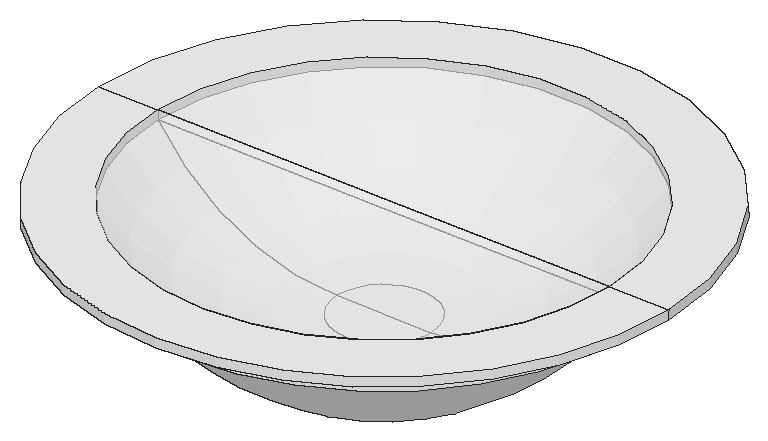
Revit family "0030334 Sylvania Lighting Fixture START Downlight 175 IP44 DALI 1475Lm 830", category Lighting Fixtures, host Face, Revit 2016
Family settings
  Host = Face
  Part Type = Normal
  Round Connector Dimension = Use Diameter
  OmniClass Number = 23.80.70.00
  OmniClass Title = Lighting
  Cut with Voids When Loaded = No
  Light Source = Yes
  Shared = No
  Room Calculation Point = No
Parameters (values of type "0030334 ST DOWNLIGHT 175 IP44 DALI 1475LM 830")
  Weight = "7.116 kg"
  Wattage Comments = ""
  Wattage = 15 W
  WarrantyStartDate [instance] = "n/a"
  WarrantyGuarantorParts = "n/a"
  WarrantyDurationUnit = "n/a"
  WarrantyDurationParts = "n/a"
  WarrantyDescription = "n/a"
  built-in parameter 1150110 = 1 (stored number, unit not read)
  Voltage = 230 V
  URL = "http://www.sylvania-lighting.com"
  TypeName = "START Downlight 175 IP44 DALI 1475Lm 830"
  Type Image = <None>
  Type Comments = "n/a"
  built-in parameter 1114217 = 1 (stored number, unit not read)
  Tilt Angle = -90.00°
  built-in parameter 1150109 = 1 (stored number, unit not read)
  built-in parameter 1150134 = (empty or 0)
  built-in parameter 1150113 = 1 (stored number, unit not read)
  SerialNumber [instance] = "n/a"
  S_SYL = no
  RadiusTop_SYL = if(S_SYL, 80 mm, if(M_SYL, 100 mm, if(L_SYL, 120 mm, 120 mm)))  # 100 mm
  Photometric Web File = "0030334.ies"
  Material_3_FEILO = Top-Sylvania-STARTDownlight
  PowerFactor = 0.9
  PowerConsumption = "15 W"
  NominalLength = 195 mm
  NominalHeight = 55 mm
  NominalDepth = 195 mm
  Name = "START Downlight 175 IP44 DALI 1475Lm 830"
  ModelReference = Name  # "START Downlight 175 IP44 DALI 1475Lm 830"
  ModelNumber = "0030334"
  Model = Name  # "START Downlight 175 IP44 DALI 1475Lm 830"
  Material = "aluminium housing, polycarbonate diffuser"
  ManufacturerName = "Feilo Sylvania"
  Manufacturer = "Feilo Sylvania"
  M_SYL = yes
  LuminousEfficacy = "93.55 lm/W"
  built-in parameter 1150105 = 786 (stored number, unit not read)
  Lumens = 1403.34 lm
  LuminaireType = ""
  built-in parameter 1150115 = 1 (stored number, unit not read)
  LightOutputRatio = "100"
  built-in parameter 1150137 = (empty or 0)
  built-in parameter 1150139 = (empty or 0)
  LampsType = Lamp  # "LED"
  LampNominalLuminous = "1403 lm"
  LampMacAdamStep = "5"
  LampColourTemperature = "3000 K"
  LampColourRenderingIndex = "80"
  built-in parameter 1150112 = 1 (stored number, unit not read)
  built-in parameter 1150114 = 1 (stored number, unit not read)
  Lamp = "LED"
  L_SYL = no
  Keynote = "16500"
  InstallationDate [instance] = "n/a"
  InputVoltage = "220-240V~"
  InputNominalFrequency = "50/60 Hz"
  built-in parameter 1150132 = (empty or 0)
  built-in parameter 1150102 = (empty or 0)
  built-in parameter 1150107 = 3000 (stored number, unit not read)
  built-in parameter 1150138 = (empty or 0)
  IngressProtection = "IP20/44"
  ImpactProtectionIndex = "IK07"
  built-in parameter 1150106 = 7.86 (stored number, unit not read)
  IfcExportType = "IfcLightFixtureType"
  IfcExportAs = "IfcLightFixtureType"
  Height_SYL = if(S_SYL, 41 mm, if(M_SYL, 47 mm, if(L_SYL, 56 mm, 62 mm)))  # 47 mm
  ExpectedLife = 50000
  Emit from Circle Diameter = Diameter_SYL - 40 mm  # 153 mm
  Emit Shape Visible in Rendering = no
  ElectricShockClassification = "Class II"
  built-in parameter 1150104 = 8.6916 (stored number, unit not read)
  DurationUnit = "hours"
  DocumentationLiterature = "http://www.sylvania-lighting.com/product/en-int/products/0030334"
  DimmingControlOptions = "Dimmable"
  Material_2_FEILO = Diffuser-Sylvania-STARTDownlight
  Dimming Lamp Color Temperature Shift = <None>
  Diameter_SYL = if(S_SYL, 164 mm, if(M_SYL, 193 mm, if(L_SYL, 220 mm, 240 mm)))  # 193 mm
  DiameterTop_SYL = if(S_SYL, 77 mm, if(M_SYL, 81 mm, if(L_SYL, 104 mm, 105 mm)))  # 81 mm
  DiameterRecess_SYL = if(S_SYL, 141 mm, if(M_SYL, 169 mm, if(L_SYL, 198 mm, 216 mm)))  # 169 mm
  Description = ""
  Default Elevation = 1219.2 mm
  CreatedOn = "8/1/2018"
  CreatedBy = "@sylvania-lighting.com"
  Cost = 0
  Color Filter = 16777215
  built-in parameter 1114216 [instance] = (empty or 0)
  ClassificationValue = "EF_70_80"
  ClassificationName = "Uniclass2015"
  Material_1_FEILO = Trim-Sylvania-STARTDownlight-White
  BarCode [instance] = "n/a"
  built-in parameter 1114218 = 1 (stored number, unit not read)
  built-in parameter 1150133 = 10 (stored number, unit not read)
  AssetType = "Fixed"
  AssetIdentifier [instance] = "n/a"
  Assembly Code = "D5020200"
  Apparent Load = 15 VA
  Material_4_FEILO = LED-Sylvania-STARTDownlight
Reference planes
  plane 1 "Center (Front/Back)": y = 0
  plane 2: z = 0
  plane 3 "Center (Left/Right)": x = 0
  plane 4: x = 96.5
  plane 5: x = -96.5
  plane 6: z = 3
  plane 7: z = -8
  plane 8: z = -42
  plane 9: z = -44
  plane 10: x = -84.5
  plane 11: x = 84.5
  plane 12: x = -40.5
  plane 13: x = 40.5
  plane 14: x = -76.5
  plane 15: x = 76.5
  plane 16: z = -85
  plane 17: x = -76.5
  plane 18: z = 2
  plane 19: z = -32
  plane 20: x = -16
Forms (mm)
  Revolve 1, solid
    sketch origin (0, 0, 0) x (1, 0, 0) y (0, 0, 1)
      loop
        line (-96.5, 3) -> (-96.5, 0) -> (-84.5, 0) -> (-84.5, -8) -> (-76.5, -8)
        arc (-76.5, -8) -> (-60.638, -27.264) -> (-40.5, -42) r 100
        line (-40.5, -42) -> (0, -42) -> (0, -32) -> (-16, -32)
        arc (-16, -32) -> (-50.221, -23.507) -> (-76.5, 0) r 73.191
        line (-76.5, 0) -> (-76.5, 3) -> (-96.5, 3)
      axis (0, 3) -> (0, -42)
    angle from 360 to 0
  Revolve 2, void
    sketch origin (0, 0, 0) x (1, 0, 0) y (0, 0, 1)
      loop
        line (0, 0) -> (-84.5, 0) -> (-84.5, -85) -> (0, -85) -> (0, 0)
      axis (0, 0) -> (0, -85)
    angle from 360 to 0
  Revolve 3, solid, material "Diffuser-Sylvania-STARTDownlight" <- "Material_2_FEILO"
    sketch origin (0, 0, 0) x (1, 0, 0) y (0, 0, 1)
      loop
        line (-76.5, 3) -> (-76.5, 0) -> (0, 0) -> (0, 3) -> (-76.5, 3)
      axis (0, 3) -> (0, 0)
    angle from 360 to 0
Dimensions and locks
  equal spacing: plane 4, plane 3 "Center (Left/Right)", plane 5
  "Diameter_SYL": plane 4 to plane 5
  equal spacing: plane 11, plane 3 "Center (Left/Right)", plane 10
  equal spacing: plane 13, plane 3 "Center (Left/Right)", plane 12
  "DiameterTop_SYL": plane 13 to plane 12
  equal spacing: plane 15, plane 3 "Center (Left/Right)", plane 14
  locked: plane 6 to plane 2 at 3
  "Height_SYL": plane 6 to plane 9
  locked: plane 8 to plane 9 at 2
  locked: plane 2 to plane 7 at 8
  locked: plane 2 to plane 16 at 85
  locked: plane 17 to plane 5 at 20
  locked: plane 6 to plane 18 at 1
  "DiameterRecess_SYL": plane 11 to plane 10
  locked: plane 19 to plane 8 at 10
  locked: plane 3 "Center (Left/Right)" to plane 20 at 16
  locked: plane 14 to plane 5 at 20
  "RadiusTop_SYL": radius of Revolve 1 sketch curve
  aligned and locked: plane 2 to host face
  aligned and locked: level to host face
  aligned and locked: Revolve 1 sketch curve to plane 5
  aligned and locked: Revolve 1 sketch curve to level
  aligned and locked: plane 7 to Revolve 1 sketch curve
  aligned and locked: Revolve 1 sketch curve to plane 10
  aligned and locked: plane 14 to Revolve 1 sketch curve
  aligned and locked: plane 3 "Center (Left/Right)" to Revolve 1 sketch curve
  aligned and locked: Revolve 1 sketch curve to plane 8
  aligned and locked: Revolve 1 sketch curve to plane 3 "Center (Left/Right)"
  aligned and locked: Revolve 2 sketch curve to plane 3 "Center (Left/Right)"
  aligned and locked: plane 3 "Center (Left/Right)" to Revolve 2 sketch curve
  aligned and locked: Revolve 2 sketch curve to plane 10
  aligned and locked: plane 16 to Revolve 2 sketch curve
  aligned and locked: Revolve 1 sketch curve to plane 6
  aligned and locked: plane 19 to Revolve 1 sketch curve
  aligned and locked: plane 20 to Revolve 1 sketch curve
  aligned and locked: Revolve 1 sketch curve to Revolve 1 sketch curve
  aligned and locked: plane 17 to Revolve 1 sketch curve
  aligned and locked: plane 2 to Revolve 1 sketch curve
  aligned and locked: Revolve 3 sketch curve to plane 3 "Center (Left/Right)"  (x2)
  aligned and locked: plane 3 "Center (Left/Right)" to imposter light
  aligned and locked: imposter light to plane 18
  aligned and locked: imposter light to plane 1 "Center (Front/Back)"
  aligned and locked: plane 14 to Revolve 3 sketch curve
Automatic sketch dimensions
  host sketch curve to host sketch curve = 2438.4 mm  (x2)
  plane 16 to Revolve 2 sketch curve = 524.6 mm
  Revolve 2 sketch curve to plane 6 = 2606.058 mm
  Revolve 1 sketch curve to plane 12 = 0 mm
  plane 16 to Revolve 1 sketch curve = 524.6 mm
  Revolve 1 sketch curve to Revolve 1 sketch curve = 2581.366 mm
  Revolve 2 sketch curve to level = 0 mm
  Revolve 3 sketch curve to plane 6 = 0 mm
  Revolve 3 sketch curve to level = 0 mm
  plane 16 to Revolve 3 sketch curve = 524.6 mm
  Revolve 3 sketch curve to Revolve 3 sketch curve = 2606.058 mm
Connectors
  electrical at (0, 0, 0), driven by "Apparent Load", driven by "PowerFactor", driven by "Voltage"
    settings: index 1, voltage 230 V, apparent load 15 VA, apparent load phase1 0 VA, apparent load phase2 0 VA, apparent load phase3 0 VA, power factor 0.9, load classification "Lighting", number of poles 1, system type 30, power factor state 1, is connector primary yes, connector utility no, sub classification motor no, connector description ""
